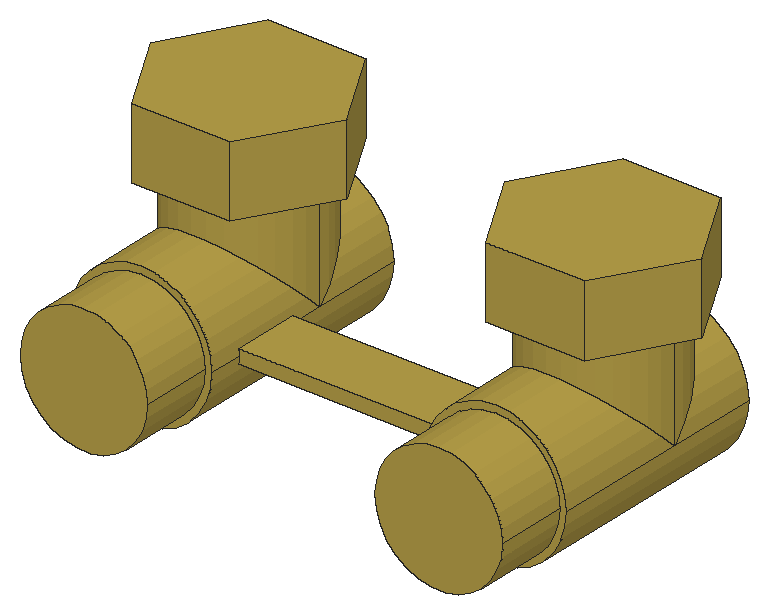
Revit family "Угловой H-образный клапан «Standart»", category Арматура трубопроводов, Revit 2020
Family settings
  Размер круглого соединителя = Использовать диаметр
  Тип детали = Клапан - Вставляется
  На основе рабочей плоскости = Нет
  Всегда вертикально = Нет
  При загрузке вырезать с полостями = Нет
  Общий = Да
Parameters (values of type "¾’’ Евроконус – ¾’’ нар.")
  Пользовательский [instance] = yes
  Default Elevation = 0 mm
  Description = ""
  Assembly Code = ""
  Manufacturer = ""
  URL = "https://www.weser.ru/about/documentation/"
  L2 = 35 mm
  L1 = 50 mm
  Kvs [instance] = 0.0 m³/h
  ADSK_Наименование краткое [instance] = "Запорно-присоединительный узел"  # constant formula
  ADSK_Наименование [instance] = "Угловой H-образный клапан «Standart»"  # constant formula
  ADSK_Материал = Латунь
  ADSK_Масса [instance] = 0
  ADSK_Код изделия [instance] = "891520"
  ADSK_Завод-изготовитель = "Weser"  # constant formula
  ADSK_Единица измерения = "шт."  # constant formula
  ADSK_Диаметр условный = 20 mm
  ADSK_Группирование [instance] = ""
  ADSK_URL страницы изделия [instance] = ""
  ADSK_URL документации изделия [instance] = ""
Reference planes
  plane 1 "По центру (Вперед/Назад)": y = 0
  plane 2: z = 0
  plane 3 "По центру (Влево/Вправо)": x = 0
  plane 4: x = -25
  plane 5: x = 25
  plane 6: y = 19.5
  plane 7: y = -19.5
  plane 8: y = 9.5
  plane 9: y = -9.5
  plane 10: y = 4.75
  plane 11: y = -4.75
  plane 12: z = 15
  plane 13: z = 25
  plane 14: y = 22.5
  plane 15: y = 24.5
Forms (mm)
  Extrusion 1, solid, material "Латунь" <- "ADSK_Материал", detail levels fine
    sketch origin (0, 0, 0) x (1, 0, 0) y (0, 0, 1)
      loop
        circle (-25, 0) r 10
      loop
        circle (25, 0) r 10
    from -22.5 to 9.5
  Extrusion 2, solid, material "Латунь" <- "ADSK_Материал", detail levels fine
    sketch origin (0, 9.5, 42.65) x (0, -1, 0) y (1, 0, 0)
      loop
        line (12, -31.928) -> (12, -18.072) -> (0, -11.144) -> (-12, -18.072) -> (-12, -31.928) -> (0, -38.856) -> (12, -31.928)
      loop
        line (12, 18.072) -> (12, 31.928) -> (0, 38.856) -> (-12, 31.928) -> (-12, 18.072) -> (0, 11.144) -> (12, 18.072)
    from -27.65 to -17.65
  Extrusion 3, solid, material "Латунь" <- "ADSK_Материал", detail levels fine
    sketch origin (0, 0, 0) x (1, 0, 0) y (0, 0, 1)
      loop
        circle (-25, 0) r 9
      loop
        circle (25, 0) r 9
    from 9.5 to 19.5
  Extrusion 4, solid, material "Латунь" <- "ADSK_Материал", detail levels fine
    sketch origin (0, 0, 0) x (1, 0, 0) y (0, 1, 0)
      loop
        line (-25, 4.75) -> (-25, -4.75) -> (25, -4.75) -> (25, 4.75) -> (-25, 4.75)
    from -1 to 1
  Extrusion 5, solid, material "Латунь" <- "ADSK_Материал", detail levels fine
    sketch origin (0, 0, 0) x (1, 0, 0) y (0, 0, 1)
      loop
        circle (-25, 0) r 4
      loop
        circle (25, 0) r 4
    from -24.5 to -22.5
  Extrusion 6, solid, material "Латунь" <- "ADSK_Материал", detail levels fine
    sketch origin (0, 0, 0) x (1, 0, 0) y (0, 1, 0)
      loop
        circle (-25, 9.5) r 10
      loop
        circle (25, 9.5) r 10
    from 0 to 15
Cuts and joins
  joined: Extrusion 1, Extrusion 2, Extrusion 3, Extrusion 4, Extrusion 5, Extrusion 6
Dimensions and locks
  equal spacing: plane 4, plane 3 "По центру (Влево/Вправо)", plane 5
  "L1": plane 4 to plane 5
  equal spacing: plane 6, plane 1 "По центру (Вперед/Назад)", plane 7
  locked: plane 6 to plane 8 at 10
  plane 7 to plane 9 = 10 mm
  equal spacing: plane 8, plane 10, plane 1 "По центру (Вперед/Назад)", plane 11, plane 9
  locked: plane 13 to plane 12 at 10
  plane 13 to level = 25 mm
  plane 6 to plane 14 = 3 mm
  plane 6 to plane 15 = 5 mm
  "ADSK_Диаметр условный": diameter of Extrusion 1 sketch curve  (x2)
  "ADSK_Диаметр условный": diameter of Extrusion 6 sketch curve  (x2)
  aligned and locked: level to plane 2
  aligned and locked: plane 9 to Extrusion 1
  aligned and locked: Extrusion 3 to Extrusion 1
  aligned and locked: Extrusion 3 to plane 7
  aligned and locked: Extrusion 2 to plane 12
  aligned and locked: plane 13 to Extrusion 2
  aligned and locked: Extrusion 5 to cut or joined group of Extrusion 1, Extrusion 2, Extrusion 3, Extrusion 4, Extrusion 5, Extrusion 6
  aligned and locked: Extrusion 6 to level
  aligned and locked: Extrusion 6 to cut or joined group of Extrusion 1, Extrusion 2, Extrusion 3, Extrusion 4, Extrusion 5, Extrusion 6
  aligned and locked: plane 15 to Extrusion 5
  aligned and locked: Extrusion 5 to plane 14
  aligned and locked: Extrusion 5 to Extrusion 1
  aligned and locked: plane 4 to nested 1
Automatic sketch dimensions
  Extrusion 3 sketch curve to level = 0 mm  (x2)
  Extrusion 3 sketch curve to plane 4 = 0 mm
  Extrusion 3 sketch curve to plane 5 = 0 mm
  plane 6 to Extrusion 2 sketch curve = 2 mm  (x2)
  Extrusion 2 sketch curve to plane 6 = 10 mm  (x4)
  Extrusion 2 sketch curve to plane 10 = 7.25 mm  (x2)
  Extrusion 2 sketch curve to plane 4 = 13.856 mm
  Extrusion 2 sketch curve to plane 4 = 6.928 mm  (x2)
  plane 4 to Extrusion 2 sketch curve = 6.928 mm  (x2)
  Extrusion 2 sketch curve to plane 3 "По центру (Влево/Вправо)" = 11.144 mm
  plane 3 "По центру (Влево/Вправо)" to Extrusion 2 sketch curve = 11.144 mm
  Extrusion 2 sketch curve to plane 5 = 6.928 mm  (x2)
  plane 5 to Extrusion 2 sketch curve = 6.928 mm  (x2)
  plane 5 to Extrusion 2 sketch curve = 13.856 mm
  Extrusion 4 sketch curve to plane 4 = 0 mm
  Extrusion 4 sketch curve to plane 5 = 0 mm
  Extrusion 4 sketch curve to plane 11 = 0 mm
  Extrusion 4 sketch curve to plane 10 = 0 mm
  Extrusion 5 sketch curve to level = 0 mm  (x2)
  Extrusion 5 sketch curve to plane 4 = 0 mm
  Extrusion 5 sketch curve to plane 5 = 0 mm
  Extrusion 1 sketch curve to level = 0 mm  (x2)
  Extrusion 1 sketch curve to plane 4 = 0 mm
  Extrusion 1 sketch curve to plane 5 = 0 mm
  Extrusion 6 sketch curve to plane 4 = 0 mm
  Extrusion 6 sketch curve to plane 5 = 0 mm
  Extrusion 6 sketch curve to plane 8 = 0 mm  (x2)
  radius of Extrusion 3 sketch curve = 9 mm  (x2)
  radius of Extrusion 5 sketch curve = 4 mm  (x2)
Nested families
  nested 1: "УГО Клапан регулирующий проходной" at (-25, 0, 0) x (0, 1, 0) z (0, 0, 1), type "УГО Клапан регулирующий проходной"
    with УГО в разрезе no, УГО в плане yes, L1 7.921 mm, L 47.526 mm, H 28.856 mm, D 28.856 mm, ADSK_Позиция "", ADSK_Обозначение "", ADSK_Наименование "", ADSK_Код изделия ""
  nested 2: "УГО Клапан регулирующий проходной" at (25, 0, 0) x (0, 1, 0) z (0, 0, 1), type "УГО Клапан регулирующий проходной"
    with УГО в разрезе no, УГО в плане yes, L1 7.921 mm, L 47.526 mm, H 28.856 mm, D 28.856 mm, ADSK_Позиция "", ADSK_Обозначение "", ADSK_Наименование "", ADSK_Код изделия ""
Connectors
  piping at (-25, -9.5, 0), diameter 20, driven by "ADSK_Диаметр условный"
    settings: on cut or joined group of Extrusion 1, Extrusion 2, Extrusion 3, Extrusion 4, Extrusion 5, Extrusion 6, index 1, connector inside diameter 609.6 mm, connector length 0 mm, flow factor 0, pipe flow 0.0 m³/h, pressure drop 0.0 Pa, fitting loss kfactor 0, connector angle 0.00°, fixture units 0, engagement length 0 mm, angle of deflection 0.00°, flow configuration 0, flow direction 0, fitting loss method 0, system type 29, joint type 0, gender type 0, connector reference index 5, connector utility 0, adjustable connector no, is connector primary yes, connector description ""
  piping at (25, -9.5, 0), diameter 20, driven by "ADSK_Диаметр условный"
    settings: on cut or joined group of Extrusion 1, Extrusion 2, Extrusion 3, Extrusion 4, Extrusion 5, Extrusion 6, index 2, connector inside diameter 609.6 mm, connector length 0 mm, flow factor 0, pipe flow 0.0 m³/h, pressure drop 0.0 Pa, fitting loss kfactor 0, connector angle 0.00°, fixture units 0, engagement length 0 mm, angle of deflection 0.00°, flow configuration 0, flow direction 0, fitting loss method 0, system type 29, joint type 0, gender type 0, connector reference index 6, connector utility 0, adjustable connector no, is connector primary no, connector description ""
  piping at (-25, 9.5, 25), diameter 20, driven by "ADSK_Диаметр условный"
    settings: on cut or joined group of Extrusion 1, Extrusion 2, Extrusion 3, Extrusion 4, Extrusion 5, Extrusion 6, index 5, connector inside diameter 609.6 mm, connector length 0 mm, flow factor 0, pipe flow 0.0 m³/h, pressure drop 0.0 Pa, fitting loss kfactor 0, connector angle 0.00°, fixture units 0, engagement length 0 mm, angle of deflection 0.00°, flow configuration 0, flow direction 0, fitting loss method 0, system type 28, joint type 0, gender type 0, connector reference index 1, connector utility 0, adjustable connector no, is connector primary no, connector description ""
  piping at (25, 9.5, 25), diameter 20, driven by "ADSK_Диаметр условный"
    settings: on cut or joined group of Extrusion 1, Extrusion 2, Extrusion 3, Extrusion 4, Extrusion 5, Extrusion 6, index 6, connector inside diameter 609.6 mm, connector length 0 mm, flow factor 0, pipe flow 0.0 m³/h, pressure drop 0.0 Pa, fitting loss kfactor 0, connector angle 0.00°, fixture units 0, engagement length 0 mm, angle of deflection 0.00°, flow configuration 0, flow direction 0, fitting loss method 0, system type 28, joint type 0, gender type 0, connector reference index 2, connector utility 0, adjustable connector no, is connector primary no, connector description ""
  piping at (25, 24.5, 0), diameter 10
    settings: on cut or joined group of Extrusion 1, Extrusion 2, Extrusion 3, Extrusion 4, Extrusion 5, Extrusion 6, index 7, connector inside diameter 609.6 mm, connector length 0 mm, flow factor 0, pipe flow 0.0 m³/h, pressure drop 0.0 Pa, fitting loss kfactor 0, connector angle 0.00°, fixture units 0, engagement length 0 mm, angle of deflection 0.00°, flow configuration 0, flow direction 0, fitting loss method 0, system type 28, joint type 0, gender type 0, connector reference index -1, connector utility 0, adjustable connector no, is connector primary no, connector description ""
  piping at (-25, 24.5, 0), diameter 10
    settings: on cut or joined group of Extrusion 1, Extrusion 2, Extrusion 3, Extrusion 4, Extrusion 5, Extrusion 6, index 8, connector inside diameter 609.6 mm, connector length 0 mm, flow factor 0, pipe flow 0.0 m³/h, pressure drop 0.0 Pa, fitting loss kfactor 0, connector angle 0.00°, fixture units 0, engagement length 0 mm, angle of deflection 0.00°, flow configuration 0, flow direction 0, fitting loss method 0, system type 28, joint type 0, gender type 0, connector reference index -1, connector utility 0, adjustable connector no, is connector primary no, connector description ""
Definition of nested family "УГО Клапан регулирующий проходной"
  Parameters (values of type "УГО Клапан запорно-балансировочный ручной")
    УГО в разрезе [instance] = not(УГО в плане)  # no
    УГО в плане [instance] = yes
    Разработчик (телефон) = ""
    Разработчик (email) = ""
    Разработчик (URL) = ""
    Разработчик = ""
    Default Elevation = 0 mm
    Manufacturer = ""
    L1 [instance] = L / 6  # 16.667 mm
    L [instance] = 100 mm
    H [instance] = D  # 50 mm
    D [instance] = 50 mm
    ADSK_Позиция [instance] = ""
    ADSK_Обозначение [instance] = ""
    ADSK_Наименование [instance] = ""
    ADSK_Масса = 0
    ADSK_Количество = 1  # constant formula
    ADSK_Код изделия [instance] = ""
    ADSK_Завод-изготовитель = Manufacturer  # ""
    ADSK_Единица измерения = "шт"  # constant formula
    ADSK_URL документации изделия = ""
  Types (3, lengths in mm): name | L1 | L | H | D
    УГО Клапан регулирующий проходной | 33.333 | 200 | 100 | 100
    УГО Клапан запорный | 33.333 | 200 | 100 | 100
    УГО Клапан запорно-балансировочный ручной | 16.667 | 100 | 50 | 50
  Reference planes
    plane 1 "По центру (Вперед/Назад)": y = 0
    plane 2: z = 0
    plane 3 "По центру (Влево/Вправо)": x = 0
    plane 4: x = -50
    plane 5: x = -8.333
    plane 6: x = 50
    plane 7: x = 8.333
    plane 8: y = 50
    plane 9: y = 25
    plane 10: y = -25
    plane 11: z = 25
    plane 12: z = 50
    plane 13: z = -25
  Lines and regions (mm)
    model lines, visible <- "УГО в плане", detail levels coarse+medium
      curve 1: line (-50, 25, 0) -> (-50, -25, 0)
      curve 2: line (-50, -25, 0) -> (50, 25, 0)
      curve 3: line (50, 25, 0) -> (50, -25, 0)
      curve 4: line (50, -25, 0) -> (-50, 25, 0)
      curve 5: line (-8.333, 25, 0) -> (0, 0, 0)
      curve 6: line (0, 0, 0) -> (8.333, 25, 0)
      curve 7: line (8.333, 25, 0) -> (-8.333, 25, 0)
      curve 8: line (0, 50, 0) -> (0, 25, 0)
    model lines, visible <- "УГО в разрезе", detail levels coarse+medium
      curve 9: line (-50, 0, 25) -> (-50, 0, -25)
      curve 10: line (-50, 0, -25) -> (50, 0, 25)
      curve 11: line (50, 0, 25) -> (50, 0, -25)
      curve 12: line (50, 0, -25) -> (-50, 0, 25)
      curve 13: line (0, 0, 0) -> (-8.333, 0, 25)
      curve 14: line (-8.333, 0, 25) -> (8.333, 0, 25)
      curve 15: line (8.333, 0, 25) -> (0, 0, 0)
      curve 16: line (0, 0, 50) -> (0, 0, 25)
    symbolic lines, detail levels coarse+medium
      curve 17: line (-50, 0, 25) -> (-50, 0, -25)
      curve 18: line (-50, 0, -25) -> (50, 0, 25)
      curve 19: line (50, 0, 25) -> (50, 0, -25)
      curve 20: line (50, 0, -25) -> (-50, 0, 25)
      curve 21: line (0, 0, 0) -> (-8.333, 0, 25)
      curve 22: line (-8.333, 0, 25) -> (8.333, 0, 25)
      curve 23: line (8.333, 0, 25) -> (0, 0, 0)
      curve 24: line (0, 0, 25) -> (0, 0, 50)
      curve 25: line (-50, 25, 0) -> (-50, -25, 0)
      curve 26: line (-50, -25, 0) -> (50, 25, 0)
      curve 27: line (50, 25, 0) -> (50, -25, 0)
      curve 28: line (50, -25, 0) -> (-50, 25, 0)
      curve 29: line (0, 0, 0) -> (-8.333, 25, 0)
      curve 30: line (-8.333, 25, 0) -> (8.333, 25, 0)
      curve 31: line (8.333, 25, 0) -> (0, 0, 0)
      curve 32: line (0, 25, 0) -> (0, 50, 0)
  Dimensions and locks
    equal spacing: plane 4, plane 3 "По центру (Влево/Вправо)", plane 6
    "L": plane 4 to plane 6
    equal spacing: plane 5, plane 3 "По центру (Влево/Вправо)", plane 7
    "L1": plane 5 to plane 7
    equal spacing: plane 9, plane 1 "По центру (Вперед/Назад)", plane 10
    "D": plane 9 to plane 10
    "H": plane 8 to plane 1 "По центру (Вперед/Назад)"
    equal spacing: plane 11, level, plane 13
    "D": plane 11 to plane 13
    "H": plane 12 to level
    aligned and locked: level to plane 2
  Automatic sketch dimensions
    curve 15 to level = 0 mm
    curve 16 to plane 3 "По центру (Влево/Вправо)" = 0 mm
    curve 23 to level = 0 mm
    plane 7 to curve 14 = 0 mm
    curve 11 to plane 13 = 0 mm
    curve 16 to plane 12 = 0 mm
    curve 18 to plane 11 = 0 mm
    plane 6 to curve 20 = 0 mm
    curve 20 to plane 11 = 0 mm
    curve 21 to plane 5 = 0 mm
    curve 21 to level = 0 mm
    curve 21 to plane 11 = 0 mm
    curve 23 to plane 3 "По центру (Влево/Вправо)" = 0 mm
    curve 24 to plane 3 "По центру (Влево/Вправо)" = 0 mm
    curve 24 to plane 12 = 0 mm
    curve 9 to plane 4 = 0 mm
    curve 6 to plane 3 "По центру (Влево/Вправо)" = 0 mm
    curve 8 to plane 3 "По центру (Влево/Вправо)" = 0 mm
    curve 6 to plane 9 = 0 mm
    curve 26 to plane 9 = 0 mm
    curve 8 to plane 8 = 0 mm
    plane 10 to curve 25 = 0 mm
    curve 26 to plane 4 = 0 mm
    curve 26 to plane 6 = 0 mm
    plane 10 to curve 28 = 0 mm
    curve 28 to plane 9 = 0 mm
    curve 29 to plane 5 = 0 mm
    curve 29 to plane 3 "По центру (Влево/Вправо)" = 0 mm
    curve 31 to plane 7 = 0 mm
    curve 32 to plane 3 "По центру (Влево/Вправо)" = 0 mm
    curve 32 to plane 8 = 0 mm
